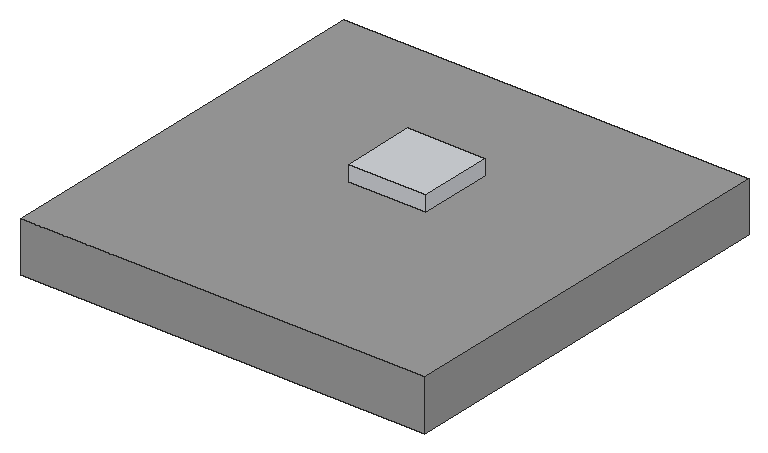
Revit family "ElectricalEquipment_Hager_TPNLighting&Power_HagerTPNExtBoxCable(nodoor)", category Electrical Equipment, host Face, Revit 2015
Parameters (values of type "TPN JK1 Ext Box Cable Side (Large)")
  Type Comments = "Mounted above or below DB"
  Type = "ElectricalFixture"
  Supply Phase = "1"
  Shape = "Rectangular"
  Product Group = "TPN"
  Product Family = "TPN JK1 Ext Box Cable"
  Packaging Weight = 0.50 kg
  Packaging Recyclable = yes
  Overall Width = 465 mm
  Warranty ID = "24 Months"
  Voltage = "230"
  Ui Rating = 690 V
  URL = "www.hager.co.uk"
  built-in parameter 1140080 [instance] = (empty or 0)
  Revision = 2
  Product Weight = 4.80 kg
  Product Range = "Invicta 3 TPN JK1 Cable Extension (Large)"
  Product Literature = "www.hager.co.uk/?artnr=JK102LE"
  Product Description = "Invicta 3 TPN JK1 Cable Extension (Large)"
  Pollution Degree = 2
  Panel Name [instance] = "Invicta 3 JK1 Ext Cable Enclosure"
  Neutral Rating = 0.00%
  built-in parameter 1140081 [instance] = "Surface Wall Mounted"
  Model = "JK102LE"
  built-in parameter 1140079 [instance] = (empty or 0)
  Manufacturer Website = "www.hager.co.uk"
  Manufacturer Country = "United Kingdom"
  Manufacturer = "Hager UK Ltd"
  Mains Type = "N/a"
  built-in parameter 1140082 [instance] = 0.01 (stored number, unit not read)
  built-in parameter 1140140 = 0.01 (stored number, unit not read)
  Location of Manufacturer = "Telford, TF1 7FT"
  Location = "Indoors"
  Keynote = ""
  Enclosure Rating = "IP3X"
  Overall Length [instance] = 450 mm
  Hager Catalogue Ref = Model  # "JK102LE"
  Frequency = 50 Hz
  built-in parameter 1140083 [instance] = "Steel Epoxy Polyester Powdercoated"
  EAN = "5015652251477"
  Door Type = "N/a"
  Door = 0 mm
  built-in parameter 1140064 [instance] = (empty or 0)
  Design Country = "China"
  Description = Product Description  # "Invicta 3 TPN JK1 Cable Extension (Large)"
  Overall Height = 92 mm
  Default Elevation = 1200 mm
  Colour = "BS4800:2011 00A01 Oyster Grey"
  CE Approval = yes
  Reference Standard = "BS EN 62208"
Types (24, lengths in mm): name | Type Comments | Overall Width | Product Weight | Product Range | Product Literature | Product Description | Panel Name | Model | Overall Length | Hager Catalogue Ref | EAN | Description | Overall Height
  TPN JK1 Ext Box Cable Side Full Width (04W) | "Mounted on LHS or RHS of DB or free standing" | 465 | 8.00 kg | "Invicta 3 TPN JK1 Cable Extension (4W)" | "www.hager.co.uk/?artnr=JK104BSF" | "Invicta 3 TPN JK1 Side Cable Extension (4W)" | "Invicta 3 JK1 Ext Cable Enclosure" | "JK104BSF" | 503 | "JK104BSF" | "5015652251514" | "Invicta 3 TPN JK1 Side Cable Extension (4W)" | 92
  TPN JK1 Ext Box Cable Side Full Width (06W) | "Mounted on LHS or RHS of DB or free standing" | 465 | 8.50 kg | "Invicta 3 TPN JK1 Cable Extension (6W)" | "www.hager.co.uk/?artnr=JK106BSF" | "Invicta 3 TPN JK1 Side Cable Extension (6W)" | "Invicta 3 JK1 Ext Cable Enclosure" | "JK106BSF" | 553 | "JK106BSF" | "5015652251583" | "Invicta 3 TPN JK1 Side Cable Extension (6W)" | 92
  TPN JK1 Ext Box Cable Side Full Width (08W) | "Mounted on LHS or RHS of DB or free standing" | 465 | 9.00 kg | "Invicta 3 TPN JK1 Cable Extension (8W)" | "www.hager.co.uk/?artnr=JK108BSF" | "Invicta 3 TPN JK1 Side Cable Extension (8W)" | "Invicta 3 JK1 Ext Cable Enclosure" | "JK108BSF" | 628 | "JK108BSF" | "5015652251651" | "Invicta 3 TPN JK1 Side Cable Extension (8W)" | 92
  TPN JK1 Ext Box Cable Side Full Width (12W) | "Mounted on LHS or RHS of DB or free standing" | 465 | 10.50 kg | "Invicta 3 TPN JK1 Cable Extension (12W)" | "www.hager.co.uk/?artnr=JK112BSF" | "Invicta 3 TPN JK1 Side Cable Extension (12W)" | "Invicta 3 JK1 Ext Cable Enclosure" | "JK112BSF" | 853 | "JK112BSF" | "5015652251781" | "Invicta 3 TPN JK1 Side Cable Extension (12W)" | 92
  TPN JK1 Ext Box Cable Side Full Width (16W) | "Mounted on LHS or RHS of DB or free standing" | 465 | 12.00 kg | "Invicta 3 TPN JK1 Cable Extension (16W)" | "www.hager.co.uk/?artnr=JK116BSF" | "Invicta 3 TPN JK1 Side Cable Extension (16W)" | "Invicta 3 JK1 Ext Cable Enclosure" | "JK116BSF" | 953 | "JK116BSF" | "5015652251842" | "Invicta 3 TPN JK1 Side Cable Extension (16W)" | 92
  TPN JK2 Ext Box Cable Side Full Width (08W) | "Mounted on LHS or RHS of DB or free standing" | 465 | 10.00 kg | "Invicta 3 TPN JK2 Cable Extension (8W)" | "www.hager.co.uk/?artnr=JK208BSF" | "Invicta 3 TPN JK2 Side Cable Extension (8W)" | "Invicta 3 JK2 Ext Cable Enclosure" | "JK208BSF" | 953 | "JK208BSF" | "5015652252092" | "Invicta 3 TPN JK2 Side Cable Extension (8W)" | 125
  TPN JK2 Ext Box Cable Side Full Width (12W) | "Mounted on LHS or RHS of DB or free standing" | 465 | 11.00 kg | "Invicta 3 TPN JK2 Cable Extension (12W)" | "www.hager.co.uk/?artnr=JK212BSF" | "Invicta 3 TPN JK2 Side Cable Extension (12W)" | "Invicta 3 JK2 Ext Cable Enclosure" | "JK212BSF" | 1103 | "JK212BSF" | "5015652252153" | "Invicta 3 TPN JK2 Side Cable Extension (12W)" | 125
  TPN JK2 Ext Box Cable Side Full Width (16W) | "Mounted on LHS or RHS of DB or free standing" | 465 | 12.50 kg | "Invicta 3 TPN JK2 Cable Extension (16W)" | "www.hager.co.uk/?artnr=JK216BSF" | "Invicta 3 TPN JK2 Side Cable Extension (16W)" | "Invicta 3 JK2 Ext Cable Enclosure" | "JK216BSF" | 1253 | "JK216BSF" | "5015652252214" | "Invicta 3 TPN JK2 Side Cable Extension (16W)" | 125
  TPN JK2 Ext Box Cable Side Full Width (18W) | "Mounted on LHS or RHS of DB or free standing" | 465 | 13.00 kg | "Invicta 3 TPN JK2 Cable Extension (18W)" | "www.hager.co.uk/?artnr=JK218BSF" | "Invicta 3 TPN JK2 Side Cable Extension (18W)" | "Invicta 3 JK2 Ext Cable Enclosure" | "JK218BSF" | 1403 | "JK218BSF" | "5015652252252" | "Invicta 3 TPN JK2 Side Cable Extension (18W)" | 125
  TPN JK2 Ext Box Cable Side Full Width (24W) | "Mounted on LHS or RHS of DB or free standing" | 465 | 15.00 kg | "Invicta 3 TPN JK2 Cable Extension (24W)" | "www.hager.co.uk/?artnr=JK224BSF" | "Invicta 3 TPN JK2 Side Cable Extension (24W)" | "Invicta 3 JK2 Ext Cable Enclosure" | "JK224BSF" | 1553 | "JK224BSF" | "5015652252320" | "Invicta 3 TPN JK2 Side Cable Extension (24W)" | 125
  TPN JK1 Ext Box Cable Side Half Width (04W) | "Mounted on LHS or RHS of DB or free standing" | 233 | 6.50 kg | "Invicta 3 TPN JK1 Cable Extension (4W)" | "www.hager.co.uk/?artnr=JK104BSH" | "Invicta 3 TPN JK1 Side Cable Extension (4W)" | "Invicta 3 JK1 Ext Cable Enclosure" | "JK104BSH" | 503 | "JK104BSH" | "5015652251538" | "Invicta 3 TPN JK1 Side Cable Extension (4W)" | 92
  TPN JK1 Ext Box Cable Side Half Width (06W) | "Mounted on LHS or RHS of DB or free standing" | 233 | 7.50 kg | "Invicta 3 TPN JK1 Cable Extension (6W)" | "www.hager.co.uk/?artnr=JK106BSH" | "Invicta 3 TPN JK1 Side Cable Extension (6W)" | "Invicta 3 JK1 Ext Cable Enclosure" | "JK106BSH" | 553 | "JK106BSH" | "5015652251606" | "Invicta 3 TPN JK1 Side Cable Extension (6W)" | 92
  TPN JK1 Ext Box Cable Side Half Width (08W) | "Mounted on LHS or RHS of DB or free standing" | 233 | 8.00 kg | "Invicta 3 TPN JK1 Cable Extension (8W)" | "www.hager.co.uk/?artnr=JK108BSH" | "Invicta 3 TPN JK1 Side Cable Extension (8W)" | "Invicta 3 JK1 Ext Cable Enclosure" | "JK108BSH" | 628 | "JK108BSH" | "5015652251675" | "Invicta 3 TPN JK1 Side Cable Extension (8W)" | 92
  TPN JK1 Ext Box Cable Side Half Width (12W) | "Mounted on LHS or RHS of DB or free standing" | 233 | 9.50 kg | "Invicta 3 TPN JK1 Cable Extension (12W)" | "www.hager.co.uk/?artnr=JK112BSH" | "Invicta 3 TPN JK1 Side Cable Extension (12W)" | "Invicta 3 JK1 Ext Cable Enclosure" | "JK112BSH" | 853 | "JK112BSH" | "5015652251804" | "Invicta 3 TPN JK1 Side Cable Extension (12W)" | 92
  TPN JK1 Ext Box Cable Side Half Width (16W) | "Mounted on LHS or RHS of DB or free standing" | 233 | 10.50 kg | "Invicta 3 TPN JK1 Cable Extension (16W)" | "www.hager.co.uk/?artnr=JK116BSH" | "Invicta 3 TPN JK1 Side Cable Extension (16W)" | "Invicta 3 JK1 Ext Cable Enclosure" | "JK116BSH" | 953 | "JK116BSH" | "5015652251866" | "Invicta 3 TPN JK1 Side Cable Extension (16W)" | 92
  TPN JK2 Ext Box Cable Side Half Width (08W) | "Mounted on LHS or RHS of DB or free standing" | 233 | 10.00 kg | "Invicta 3 TPN JK2 Cable Extension (8W)" | "www.hager.co.uk/?artnr=JK208BSH" | "Invicta 3 TPN JK2 Side Cable Extension (8W)" | "Invicta 3 JK2 Ext Cable Enclosure" | "JK208BSH" | 953 | "JK208BSH" | "50156522515145015652252115\r\n5015652252115\r\n5015652252115" | "Invicta 3 TPN JK2 Side Cable Extension (8W)" | 125
  TPN JK2 Ext Box Cable Side Half Width (12W) | "Mounted on LHS or RHS of DB or free standing" | 233 | 11.00 kg | "Invicta 3 TPN JK2 Cable Extension (12W)" | "www.hager.co.uk/?artnr=JK212BSH" | "Invicta 3 TPN JK2 Side Cable Extension (12W)" | "Invicta 3 JK2 Ext Cable Enclosure" | "JK212BSH" | 1103 | "JK212BSH" | "5015652252177" | "Invicta 3 TPN JK2 Side Cable Extension (12W)" | 125
  TPN JK2 Ext Box Cable Side Half Width (16W) | "Mounted on LHS or RHS of DB or free standing" | 233 | 12.50 kg | "Invicta 3 TPN JK2 Cable Extension (16W)" | "www.hager.co.uk/?artnr=JK216BSH" | "Invicta 3 TPN JK2 Side Cable Extension (16W)" | "Invicta 3 JK2 Ext Cable Enclosure" | "JK216BSH" | 1253 | "JK216BSH" | "5015652252238" | "Invicta 3 TPN JK2 Side Cable Extension (16W)" | 125
  TPN JK2 Ext Box Cable Side Half Width (18W) | "Mounted on LHS or RHS of DB or free standing" | 233 | 13.00 kg | "Invicta 3 TPN JK2 Cable Extension (18W)" | "www.hager.co.uk/?artnr=JK218BSH" | "Invicta 3 TPN JK2 Side Cable Extension (18W)" | "Invicta 3 JK2 Ext Cable Enclosure" | "JK218BSH" | 1403 | "JK218BSH" | "5015652252276" | "Invicta 3 TPN JK2 Side Cable Extension (18W)" | 125
  TPN JK2 Ext Box Cable Side Half Width (24W) | "Mounted on LHS or RHS of DB or free standing" | 233 | 15.00 kg | "Invicta 3 TPN JK2 Cable Extension (24W)" | "www.hager.co.uk/?artnr=JK224BSH" | "Invicta 3 TPN JK2 Side Cable Extension (24W)" | "Invicta 3 JK2 Ext Cable Enclosure" | "JK224BSH" | 1553 | "JK224BSH" | "5015652252344" | "Invicta 3 TPN JK2 Side Cable Extension (24W)" | 125
  TPN JK1 Ext Box Cable Side (Small) | "Mounted above or below DB" | 465 | 3.50 kg | "Invicta 3 TPN JK1 Cable Extension (Small)" | "www.hager.co.uk/?artnr=JK101SE" | "Invicta 3 TPN JK1 Cable Extension (Small)" | "Invicta 3 JK1 Ext Cable Enclosure" | "JK101SE" | 300 | "JK101SE" | "5015654758172" | "Invicta 3 TPN JK1 Cable Extension (Small)" | 92
  TPN JK1 Ext Box Cable Side (Large) | "Mounted above or below DB" | 465 | 4.80 kg | "Invicta 3 TPN JK1 Cable Extension (Large)" | "www.hager.co.uk/?artnr=JK102LE" | "Invicta 3 TPN JK1 Cable Extension (Large)" | "Invicta 3 JK1 Ext Cable Enclosure" | "JK102LE" | 450 | "JK102LE" | "5015652251477" | "Invicta 3 TPN JK1 Cable Extension (Large)" | 92
  TPN JK2 Ext Box Cable Side (Small) | "Mounted above or below DB" | 465 | 6.00 kg | "Invicta 3 TPN JK2 Cable Extension (Small)" | "www.hager.co.uk/?artnr=JK201SE" | "Invicta 3 TPN JK2 Cable Extension (Small)" | "Invicta 3 JK2 Ext Cable Enclosure" | "JK201SE" | 300 | "JK201SE" | "5015652252023" | "Invicta 3 TPN JK2 Cable Extension (Small)" | 125
  TPN JK2 Ext Box Cable Side (Large) | "Mounted above or below DB" | 465 | 10.00 kg | "Invicta 3 TPN JK2 Cable Extension (Large)" | "www.hager.co.uk/?artnr=JK202LE" | "Invicta 3 TPN JK2 Cable Extension (Large)" | "Invicta 3 JK2 Ext Cable Enclosure" | "JK202LE" | 450 | "JK202LE" | "5015652252047" | "Invicta 3 TPN JK2 Cable Extension (Large)" | 125
Reference planes
  plane 1 "Center (Front/Back)": y = 470.263
  plane 2: z = 0
  plane 3 "Center (Left/Right)": x = 0
  plane 4: y = 20.263
  plane 5: x = -232.5
  plane 6: x = 232.5
  plane 7: z = 92
  plane 8: z = 92
  plane 9: z = -870
Forms (mm)
  Extrusion 1, solid, material "Default"
    sketch origin (0, 0, 0) x (1, 0, 0) y (0, 1, 0)
      loop
        line (-1219.2, 1219.2) -> (-1219.2, -1219.2) -> (1219.2, -1219.2) -> (1219.2, 1219.2) -> (-1219.2, 1219.2)
    from 0 to -304.8
  Extrusion 2, solid, detail levels fine
    sketch origin (0, 470.263, 0) x (1, 0, 0) y (0, 0, 1)
      loop
        line (232.5, 92) -> (-232.5, 92) -> (-232.5, 0) -> (232.5, 0) -> (232.5, 92)
    from 450 to 0
Dimensions and locks
  equal spacing: plane 5, plane 3 "Center (Left/Right)", plane 6
  "Overall Width": plane 5 to plane 6
  "Overall Length": plane 4 to plane 1 "Center (Front/Back)"
  "Overall Height": Extrusion 1 to plane 7
  "Door": plane 8 to plane 7
  locked: plane 7 to plane 9 at 962
  aligned and locked: plane 2 to Extrusion 1
  aligned and locked: level to Extrusion 1
  aligned and locked: plane 8 to Extrusion 2 sketch curve
  aligned and locked: Extrusion 2 sketch curve to plane 5
  aligned and locked: Extrusion 2 sketch curve to level
  aligned and locked: plane 6 to Extrusion 2 sketch curve
  aligned and locked: Extrusion 2 to plane 4
  aligned and locked: Extrusion 2 to plane 1 "Center (Front/Back)"
  aligned and locked: plane 2 to nested 1
  aligned and locked: plane 5 to nested 1
  aligned and locked: plane 6 to nested 1
  aligned and locked: nested 1 to plane 7
Automatic sketch dimensions
  Extrusion 1 sketch curve to Extrusion 1 sketch curve = 2438.4 mm  (x2)
Nested families
  nested 1: "Distribution Board Annotation" at (-232.5, 470.263, 92) x (1, 0, 0) z (0, -1, 0), type "Distribution Board Annotation", detail levels coarse+medium
    with Width 92 mm, Length 465 mm
Connectors
  electrical at (0, 20.263, 46)
    settings: on Extrusion 2, index 1, voltage 0 V, apparent load 0 VA, apparent load phase1 0 VA, apparent load phase2 0 VA, apparent load phase3 0 VA, power factor 1, load classification "Other", number of poles 1, system type 31, power factor state 1, is connector primary yes, connector utility no, sub classification motor no, connector description ""
  cabletrayconduit at (0, 20.263, 46), diameter 600
    settings: on Extrusion 2, index 2, connector width 300 mm, connector height 300 mm, connector angle 0.00°, system type 32, placement type 0, profile type 0, connector reference index -1, is primary connector yes, connector utility param no, connector description ""
  cabletrayconduit at (0, 470.263, 46), diameter 600
    settings: on Extrusion 2, index 3, connector width 300 mm, connector height 300 mm, connector angle 0.00°, system type 32, placement type 0, profile type 0, connector reference index -1, is primary connector no, connector utility param no, connector description ""
Definition of nested family "Distribution Board Annotation"
  Parameters
    Width [instance] = 609.6 mm
    Length [instance] = 1219.2 mm
    Assembly Code = ""
  Reference planes
    plane 1 "Centre (Front/Back)": y = 0
    plane 2: z = 0
    plane 3 "Centre (Left/Right)": x = 0
    plane 4: y = -609.6
    plane 5: x = 1219.2
  Lines and regions (mm)
    Filled region 1, type "Solid Fill - Black", in view "Ref. Level"
      outline origin (0, 0, 0) x (1, 0, 0) y (0, 1, 0)
        loop
          line (0, 0) -> (1219.2, -609.6) -> (1219.2, 0) -> (0, 0)
    detail lines, in view "Ref. Level"
      curve 1: line (0, -609.6, 0) -> (1219.2, -609.6, 0)
      curve 2: line (1219.2, -609.6, 0) -> (1219.2, 0, 0)
      curve 3: line (0, -609.6, 0) -> (0, 0, 0)
      curve 4: line (0, 0, 0) -> (1219.2, 0, 0)
      curve 5: line (0, 0, 0) -> (1219.2, -609.6, 0)
  Dimensions and locks
    "Width": plane 4 to plane 1 "Centre (Front/Back)"
    "Length": plane 3 "Centre (Left/Right)" to plane 5
    aligned and locked: plane 3 "Centre (Left/Right)" to curve 1
    aligned and locked: curve 1 to plane 4
    aligned and locked: plane 5 to curve 2
    aligned and locked: plane 1 "Centre (Front/Back)" to curve 4
    aligned and locked: Filled region 1 sketch curve to curve 4
    aligned and locked: Filled region 1 sketch curve to curve 5
    aligned and locked: Filled region 1 sketch curve to curve 2
